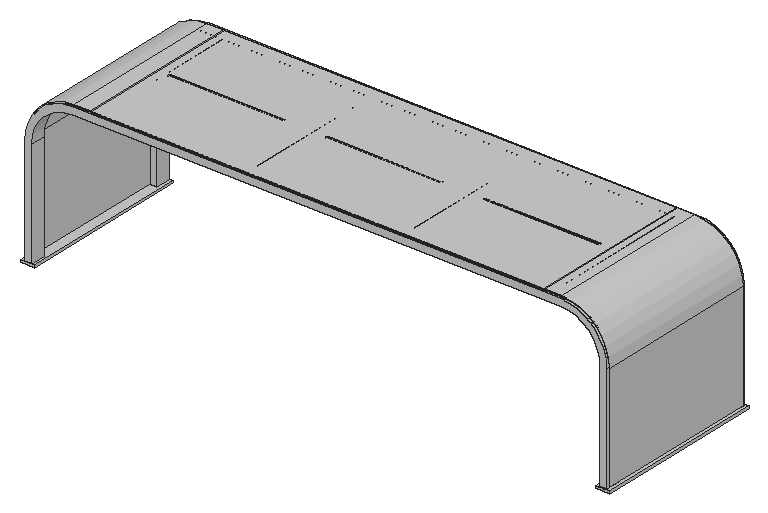
Revit family "Magnuson-Bench-Respit", category Furniture, Revit 2014
Parameters (values of type "RESPIT-01")
  Seat = MG - Steel, Wrought
  Glides = MG - Black Plastic
  Frame = MG - Steel, Wrought
  Width = 62 9/32"
  URL = "www.magnusongroup.com"
  Type Comments = ""
  Salvage or Reuse = yes
  Percentage of Recycled Content = 0
  Model = "RESPIT-01"
  Material = ""
  Manufacturer = "MAGNUSON"  # constant formula
  Low Emitting Material = yes
  Low Emitting Finish = yes
  Keynote = "12500"
  Height = 16 21/32"
  Description = "Bench"
  Depth = 18 3/8"
  Assembly Code = "E2020200"
Reference planes (in)
  plane 1 "Center Front/Back": y = 0
  plane 2: z = 0
  plane 3 "Center Left/Right": x = 0
  plane 4: z = 16.65625
  plane 5: z = 59.11383
  plane 6: z = 56.17261
  plane 7: z = 16.40625
  plane 8: z = 16.65625
  plane 9: x = -31.1455
  plane 10: x = 31.1455
  plane 11: z = 0.25
Forms (in)
  Extrusion 1, solid, material "MG - Steel, Wrought" <- "Frame"
    sketch origin (0, 0, 0) x (1, 0, 0) y (0, 1, 0)
      loop
        line (-31.1455, 9.125) -> (-31.1455, -9.125) -> (-29.6455, -9.125) -> (-29.6455, 9.125) -> (-31.1455, 9.125)
      loop
        line (31.1455, 9.125) -> (29.6455, 9.125) -> (29.6455, -9.125) -> (31.1455, -9.125) -> (31.1455, 9.125)
    from 0 to 0.25
  Sweep 2, solid, material "MG - Steel, Wrought" <- "Frame"
    path origin (0, 0, 0) x (1, 0, 0) y (0, 0, 1)
      loop
        line (-30, 0.25) -> (-30, 11.5625)
        arc (-30, 11.5625) -> (-28.7552, 14.5677) -> (-25.75, 15.8125) r 4.25
        line (-25.75, 15.8125) -> (25.75, 15.8125)
        arc (25.75, 15.8125) -> (28.75521, 14.5677) -> (30, 11.5625) r 4.25
        line (30, 11.5625) -> (30, 0.25)
    profile origin (0, 0, 15.8125) x (0, 0, 1) y (0, -1, 0)
      loop
        line (0.75, -7.5) -> (0, -7.5) -> (0, -9) -> (0.75, -9) -> (0.75, -7.5)
      loop
        line (0.75, 7.5) -> (0.75, 9) -> (0, 9) -> (0, 7.5) -> (0.75, 7.5)
  Extrusion 3, solid, material "MG - Steel, Wrought" <- "Seat"
    sketch origin (0, 0, 0) x (1, 0, 0) y (0, 0, 1)
      loop
        line (-30.75, 0.31738) -> (-30.75, 11.5625)
        arc (-30.75, 11.5625) -> (-29.28553, 15.09803) -> (-25.75, 16.5625) r 5
        line (-25.75, 16.5625) -> (-23.98925, 16.5625) -> (-23.98925, 16.6455) -> (-25.75, 16.6455)
        arc (-25.75, 16.6455) -> (-29.34422, 15.15672) -> (-30.833, 11.5625) r 5.083
        line (-30.833, 11.5625) -> (-30.833, 0.31738) -> (-30.75, 0.31738)
      loop
        line (30.75, 0.31738) -> (30.833, 0.31738) -> (30.833, 11.5625)
        arc (30.833, 11.5625) -> (29.34422, 15.15672) -> (25.75, 16.6455) r 5.083
        line (25.75, 16.6455) -> (23.98925, 16.6455) -> (23.98925, 16.5625) -> (25.75, 16.5625)
        arc (25.75, 16.5625) -> (29.28553, 15.09803) -> (30.75, 11.5625) r 5
        line (30.75, 11.5625) -> (30.75, 0.31738)
      loop
        line (-23.875, 16.6455) -> (-23.875, 16.5625) -> (23.875, 16.5625) -> (23.875, 16.6455) -> (-23.875, 16.6455)
    from -8.75 to 8.75
  Extrusion 4, solid, material "MG - Steel, Wrought" <- "Frame"
    sketch origin (0, 0, 0) x (1, 0, 0) y (0, 0, 1)
      loop
        line (-24.625, 16.5625) -> (-24.625, 15.8125) -> (-23.125, 15.8125) -> (-23.125, 16.5625) -> (-24.625, 16.5625)
      loop
        line (-9.0625, 16.5625) -> (-9.0625, 15.8125) -> (-7.5625, 15.8125) -> (-7.5625, 16.5625) -> (-9.0625, 16.5625)
      loop
        line (7.5625, 16.5625) -> (7.5625, 15.8125) -> (9.0625, 15.8125) -> (9.0625, 16.5625) -> (7.5625, 16.5625)
      loop
        line (23.125, 16.5625) -> (23.125, 15.8125) -> (24.625, 15.8125) -> (24.625, 16.5625) -> (23.125, 16.5625)
    from -7.5 to 7.5
  Extrusion 5, void
    sketch origin (0, 0, 0) x (1, 0, 0) y (0, 1, 0)
      loop
        line (-22.65625, -0.125) -> (-10.65625, -0.125)
        arc (-10.65625, -0.125) -> (-10.53125, 0) -> (-10.65625, 0.125) r 0.125
        line (-10.65625, 0.125) -> (-22.65625, 0.125)
        arc (-22.65625, 0.125) -> (-22.78125, 0) -> (-22.65625, -0.125) r 0.125
      loop
        line (-6, -0.125) -> (6, -0.125)
        arc (6, -0.125) -> (6.125, 0) -> (6, 0.125) r 0.125
        line (6, 0.125) -> (-6, 0.125)
        arc (-6, 0.125) -> (-6.125, 0) -> (-6, -0.125) r 0.125
      loop
        line (10.65625, -0.125) -> (22.65625, -0.125)
        arc (22.65625, -0.125) -> (22.78125, 0) -> (22.65625, 0.125) r 0.125
        line (22.65625, 0.125) -> (10.65625, 0.125)
        arc (10.65625, 0.125) -> (10.53125, 0) -> (10.65625, -0.125) r 0.125
    from 16.40625 to 16.65625
Cuts and joins
  Extrusion 5 cuts Extrusion 3
Lines and regions (in)
  symbolic lines
    curve 1: line (-30.833, 8.75, 0) -> (30.833, 8.75, 0)
    curve 2: line (-30.833, -8.75, 0) -> (-30.833, 8.75, 0)
    curve 3: line (30.833, -8.75, 0) -> (-30.833, -8.75, 0)
    curve 4: line (30.833, 8.75, 0) -> (30.833, -8.75, 0)
    curve 5: line (30.75, -8.75, 0) -> (30.75, -9, 0)
    curve 6: line (30.75, -9, 0) -> (-30.75, -9, 0)
    curve 7: line (-30.75, -9, 0) -> (-30.75, -8.75, 0)
    curve 8: line (30.75, 8.75, 0) -> (30.75, 9, 0)
    curve 9: line (30.75, 9, 0) -> (-30.75, 9, 0)
    curve 10: line (-30.75, 9, 0) -> (-30.75, 8.75, 0)
    curve 11: line (-29.6455, 9.125, 0) -> (-29.6455, 9, 0)
    curve 12: line (-29.6455, 9.125, 0) -> (-31.1455, 9.125, 0)
    curve 13: line (-31.1455, 9.125, 0) -> (-31.1455, -9.125, 0)
    curve 14: line (-31.1455, -9.125, 0) -> (-29.6455, -9.125, 0)
    curve 15: line (-29.6455, -9.125, 0) -> (-29.6455, -9, 0)
    curve 16: line (29.6455, 9.125, 0) -> (29.6455, 9, 0)
    curve 17: line (29.6455, 9.125, 0) -> (31.1455, 9.125, 0)
    curve 18: line (31.1455, 9.125, 0) -> (31.1455, -9.125, 0)
    curve 19: line (31.1455, -9.125, 0) -> (29.6455, -9.125, 0)
    curve 20: line (29.6455, -9.125, 0) -> (29.6455, -9, 0)
  symbolic lines, detail levels medium+fine
    curve 21: line (-23.98925, 8.75, 0) -> (-23.98925, -8.75, 0)
    curve 22: line (-23.875, -8.75, 0) -> (-23.875, 8.75, 0)
    curve 23: line (23.98925, 8.75, 0) -> (23.98925, -8.75, 0)
    curve 24: line (23.875, -8.75, 0) -> (23.875, 8.75, 0)
    curve 25: line (-22.65625, -0.125, 0) -> (-10.65625, -0.125, 0)
    curve 26: line (-10.65625, 0.125, 0) -> (-22.65625, 0.125, 0)
    curve 27: arc (-22.65625, 0.125, 0) -> (-22.78125, 0, 0) -> (-22.65625, -0.125, 0) r 0.125
    curve 28: arc (-10.65625, -0.125, 0) -> (-10.53125, 0, 0) -> (-10.65625, 0.125, 0) r 0.125
    curve 29: line (-6, -0.125, 0) -> (6, -0.125, 0)
    curve 30: line (6, 0.125, 0) -> (-6, 0.125, 0)
    curve 31: arc (-6, 0.125, 0) -> (-6.125, 0, 0) -> (-6, -0.125, 0) r 0.125
    curve 32: arc (6, -0.125, 0) -> (6.125, 0, 0) -> (6, 0.125, 0) r 0.125
    curve 33: line (10.65625, -0.125, 0) -> (22.65625, -0.125, 0)
    curve 34: line (22.65625, 0.125, 0) -> (10.65625, 0.125, 0)
    curve 35: arc (10.65625, 0.125, 0) -> (10.53125, 0, 0) -> (10.65625, -0.125, 0) r 0.125
    curve 36: arc (22.65625, -0.125, 0) -> (22.78125, 0, 0) -> (22.65625, 0.125, 0) r 0.125
Dimensions and locks (in)
  locked: plane 4 to plane 7 at 0.25
  "Height": plane 4 to level
  Sweep 2 sketch curve to Sweep 2 sketch curve to plane 1 "Center Front/Back" to Sweep 2 sketch curve to Sweep 2 sketch curve = 1 1/2" locked, 7 1/2" locked, 7 1/2" locked, 1 1/2" locked
  Sweep 2 sketch curve to Sweep 2 sketch curve to level = 3/4" locked, 15 13/16" locked
  "Height": plane 8 to level
  equal spacing: plane 9, plane 3 "Center Left/Right", plane 10
  plane 9 to plane 10 = 62.291"
  locked: plane 11 to level at 0.25
  plane 9 to Extrusion 3 sketch curve to Extrusion 3 sketch curve to Extrusion 3 sketch curve = 5/16" locked, 0.083" locked, 5" locked
  plane 10 to Extrusion 3 sketch curve to Extrusion 3 sketch curve to Extrusion 3 sketch curve = 5/16" locked, 0.083" locked, 5" locked
  aligned and locked: level to plane 2
  aligned and locked: Sweep 2 sketch curve to Sweep 2 sketch curve
  aligned and locked: Sweep 2 sketch curve to profile plane
  aligned and locked: Extrusion 3 sketch curve to Extrusion 3 sketch curve  (x4)
  aligned and locked: Sweep 2 to Extrusion 4  (x8)
  aligned and locked: Extrusion 4 to Sweep 2  (x2)
  aligned and locked: plane 8 to Extrusion 5
  aligned and locked: Extrusion 5 to plane 7
Automatic sketch dimensions
  curve 14 to plane 9 = 0"
  curve 18 to plane 10 = 0"
  curve 3 to plane 9 = 5/16"
  curve 1 to curve 9 = 0.083"
  curve 2 to curve 6 = 0.083"
  curve 9 to curve 11 = 1.1045"
  curve 6 to curve 15 = 1.1045"
  plane 1 "Center Front/Back" to curve 25 = 1/8"
  curve 25 to plane 9 = 8.48925"
  curve 25 to plane 3 "Center Left/Right" = 10 21/32"
  curve 30 to plane 1 "Center Front/Back" = 1/8"
  curve 28 to curve 30 = 4 21/32"
  plane 1 "Center Front/Back" to curve 29 = 1/8"
  plane 3 "Center Left/Right" to curve 29 = 6"
  plane 1 "Center Front/Back" to curve 33 = 1/8"
  curve 29 to curve 33 = 4 21/32"
  curve 34 to plane 1 "Center Front/Back" = 1/8"
  curve 34 to plane 10 = 8.48925"
  curve 20 to plane 10 = 1 1/2"
  curve 16 to plane 10 = 1 1/2"
  curve 5 to plane 10 = 0.3955"
  curve 9 to plane 10 = 0.3955"
  curve 5 to curve 3 = 0.083"
  plane 1 "Center Front/Back" to curve 3 = 8 3/4"
  curve 7 to curve 7 = 1/4"
  curve 13 to curve 6 = 1/8"
  curve 18 to curve 5 = 1/8"
  curve 28 to plane 1 "Center Front/Back" = 0"
  curve 1 to plane 1 "Center Front/Back" = 8 3/4"
  curve 8 to curve 9 = 1/4"
  curve 11 to curve 11 = 1/8"
  curve 16 to curve 17 = 1/8"
  curve 11 to curve 21 = 5 21/32"
  curve 21 to curve 22 = 0.11425"
  curve 24 to curve 20 = 5.7705"
  curve 24 to curve 23 = 0.11425"
  Extrusion 1 sketch curve to plane 9 = 0"
  Extrusion 1 sketch curve to plane 10 = 0"
  Extrusion 1 sketch curve to plane 9 = 1 1/2"
  Extrusion 1 sketch curve to Extrusion 1 sketch curve = 1 1/2"
  plane 1 "Center Front/Back" to Extrusion 1 sketch curve = 9 1/8"  (x2)
  Extrusion 1 sketch curve to plane 1 "Center Front/Back" = 9 1/8"  (x2)
  Sweep 2 sketch curve to plane 11 = 0"  (x2)
  Sweep 2 sketch curve to plane 9 = 1.1455"
  Sweep 2 sketch curve to plane 7 = 19/32"
  Sweep 2 sketch curve to plane 9 = 5.3955"
  Sweep 2 sketch curve to plane 10 = 5.3955"
  Sweep 2 sketch curve to plane 10 = 1.1455"
  Extrusion 3 sketch curve to Extrusion 3 sketch curve = 0"  (x2)
  Extrusion 3 sketch curve to plane 4 = 3/32"
  Extrusion 3 sketch curve to Extrusion 3 sketch curve = 1.76075"
  Extrusion 3 sketch curve to Extrusion 3 sketch curve = 0.11425"  (x2)
  Extrusion 3 sketch curve to plane 4 = 0.01075"
  Extrusion 3 sketch curve to Extrusion 3 sketch curve = 1 7/8"
  plane 11 to Extrusion 3 sketch curve = 0.06738"  (x2)
  Extrusion 4 sketch curve to plane 7 = 19/32"  (x4)
  Extrusion 4 sketch curve to plane 9 = 6.5205"
  Extrusion 4 sketch curve to Extrusion 4 sketch curve = 1 1/2"  (x4)
  Extrusion 4 sketch curve to plane 4 = 3/32"  (x4)
  Extrusion 4 sketch curve to plane 3 "Center Left/Right" = 9 1/16"
  plane 3 "Center Left/Right" to Extrusion 4 sketch curve = 7 9/16"
  Extrusion 4 sketch curve to plane 10 = 8.0205"
  plane 1 "Center Front/Back" to Extrusion 5 sketch curve = 1/8"  (x3)
  Extrusion 5 sketch curve to plane 9 = 8.48925"
  Extrusion 5 sketch curve to plane 1 "Center Front/Back" = 0"  (x3)
  Extrusion 5 sketch curve to plane 3 "Center Left/Right" = 10 21/32"
  Extrusion 5 sketch curve to Extrusion 5 sketch curve = 4 21/32"  (x2)
  plane 3 "Center Left/Right" to Extrusion 5 sketch curve = 6"
  Extrusion 5 sketch curve to plane 10 = 8.48925"
